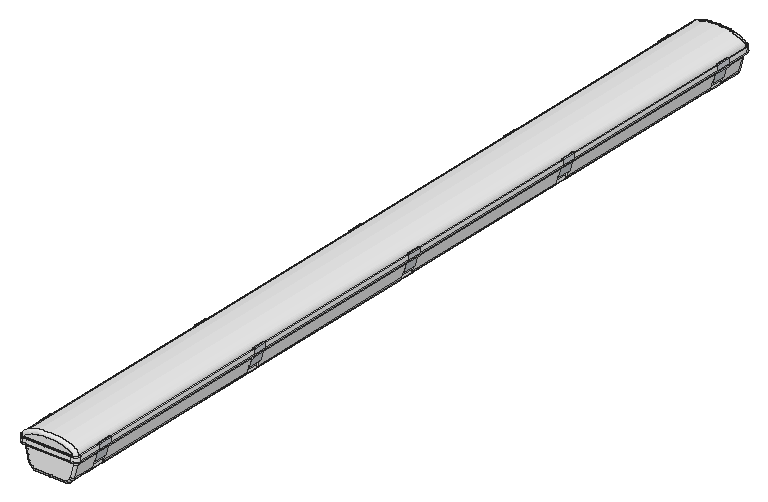
Revit family "0048749 Feilo Sylvania Lighting Fixture SYLPRF SUP LED G3 1500MM T 4K QC", category Lighting Fixtures, host Face, Revit 2017
Family settings
  Host = Face
  Round Connector Dimension = Use Diameter
  Part Type = Normal
  OmniClass Number = 23.80.70.11.14
  OmniClass Title = General Luminaries, Directional
  Cut with Voids When Loaded = Yes
  Light Source = Yes
  Shared = No
  Room Calculation Point = No
Parameters
  Width = 110 mm
  Weight = "2.46 kg"
  Wattage Comments = "n/a"
  Wattage = 47 W
  WarrantyStartDate [instance] = "n/a"
  WarrantyGuarantorParts = "n/a"
  WarrantyDurationUnit = "n/a"
  WarrantyDurationParts = "n/a"
  WarrantyDescription = "n/a"
  built-in parameter 1150110 = 1 (stored number, unit not read)
  Voltage = 230 V
  URL = "http://www.sylvania-lighting.com"
  TypeName = "SYLPRF SUP LED G3 1500MM T 4K QC"
  Type Image = <None>
  Type Comments = "n/a"
  built-in parameter 1114217 = 1 (stored number, unit not read)
  Tilt Angle = -90.00°
  built-in parameter 1150109 = 1 (stored number, unit not read)
  built-in parameter 1150134 = 12
  built-in parameter 1150113 = 1 (stored number, unit not read)
  SerialNumber [instance] = "n/a"
  ReflectorMaterial = none
  PowerFactor = 0
  PowerConsumption = "47 W"
  Photometric Web File = "0048749-C.ies"
  NominalWidth = 0 mm
  NominalLength = 1578 mm
  NominalHeight = 78 mm
  Name = "SYLPRF SUP LED G3 1500MM T 4K QC"
  ModelReference = "SYLPRF SUP LED G3 1500MM T 4K QC"
  ModelNumber = "0048749"
  Model = "SYLPRF SUP LED G3 1500MM T 4K QC"
  Material = "polycarbonate housing, polycarbonate diffuser"
  ManufacturerName = "Feilo Sylvania"
  Manufacturer = "Feilo Sylvania"
  LuminousEfficacy = "145 lm/W"
  built-in parameter 1150105 = 542.32 (stored number, unit not read)
  Lumens = 6815 lm
  LuminaireType = "Weatherproof"
  built-in parameter 1150115 = 1 (stored number, unit not read)
  LightOutputRatio = "n/a"
  built-in parameter 1150137 = (empty or 0)
  built-in parameter 1150139 = (empty or 0)
  Length = 1572 mm
  LampsType = Lamp  # "LED"
  LampNominalLuminous = "6800 lm"
  LampMacAdamStep = "3"
  LampColourTemperature = "4000 K"
  LampColourRenderingIndex = "80"
  built-in parameter 1150112 = 1 (stored number, unit not read)
  built-in parameter 1150114 = 1 (stored number, unit not read)
  Lamp = "LED"
  Keynote = "16500"
  InstallationDate [instance] = "n/a"
  InputVoltage = "220-240V~"
  InputNominalFrequency = "50/60 Hz"
  built-in parameter 1150132 = (empty or 0)
  built-in parameter 1150102 = (empty or 0)
  built-in parameter 1150107 = 4000 (stored number, unit not read)
  built-in parameter 1150138 = (empty or 0)
  IngressProtection = "IP65"
  ImpactProtectionIndex = "IK08"
  built-in parameter 1150106 = 5.4232 (stored number, unit not read)
  IfcExportType = "IfcLightFixtureType"
  IfcExportAs = "IfcLightFixtureType"
  ExpectedLife = 50000
  Emit from Rectangle Width = Width - 20 mm  # 90 mm
  Emit from Rectangle Length = Length - 20 mm  # 1552 mm
  Emit Shape Visible in Rendering = no
  ElectricShockClassification = "Class I"
  built-in parameter 1150104 = 13.471 (stored number, unit not read)
  DurationUnit = "hours"
  DocumentationLiterature = "http://www.sylvania-lighting.com/product/en-int/products/0048749"
  DimmingControlOptions = "Non dimmable"
  Dimming Lamp Color Temperature Shift = <None>
  DiffuserMaterial = Diffuser-Sylvania-Transparent
  Description = ""
  Default Elevation = 1219.2 mm
  CreatedOn = "11/9/2017"
  CreatedBy = ""
  Cost = 0
  Color Filter = 16777215
  built-in parameter 1114216 [instance] = (empty or 0)
  ClassificationValue = "EF_70_80"
  ClassificationName = "Uniclass2015"
  BodyMaterial = Body-Sylvania-Gray
  BarCode [instance] = "n/a"
  built-in parameter 1114218 = 1 (stored number, unit not read)
  built-in parameter 1150133 = 10 (stored number, unit not read)
  AssetType = "Fixed"
  AssetIdentifier [instance] = "n/a"
  Assembly Code = "D5020200"
  Apparent Load = 47 VA
  AccessoryMaterial = Diffuser-Sylvania-Glow
Reference planes
  plane 1 "Center (Front/Back)": y = 0
  plane 2: z = 0
  plane 3 "Center (Left/Right)": x = 0
  plane 4: z = 54
  plane 5: x = -27.7
  plane 6: x = -34.8
  plane 7: x = -39.6
  plane 8: x = -42.2
  plane 9: z = 3
  plane 10: z = 7.8
  plane 11: z = 12.3
  plane 12: z = 36.6
  plane 13: z = 42.8
  plane 14: x = -51.1
  plane 15: z = 46.2
  plane 16: x = -55
  plane 17: y = 786
  plane 18: y = -786
  plane 19: x = 27.7
  plane 20: x = 34.8
  plane 21: x = 39.6
  plane 22: x = 42.2
  plane 23: x = 51.1
  plane 24: x = 55
  plane 25: y = 778.4
  plane 26: y = -778.4
  plane 27: y = -774.7
  plane 28: y = 774.7
  plane 29: z = 74
  plane 30: x = -51.5
  plane 31: x = 51.5
  plane 32: z = 55.2
  plane 33: y = -782.5
  plane 34: y = 782.5
  plane 35: x = -37.5
  plane 36: x = 37.5
  plane 37: x = -48.7
  plane 38: x = 48.7
  plane 39: x = 18
  plane 40: x = -18
  plane 41: z = 50.2
  plane 42: z = 24.6
  plane 43: y = 720
  plane 44: y = 706
  plane 45: y = 734
  plane 46: y = -720
  plane 47: y = 720
  plane 48: y = 706
  plane 49: y = 734
  plane 50: y = -720
  plane 51: y = -734
  plane 52: y = -706
  plane 53: y = 360
  plane 54: y = 346
  plane 55: y = 374
  plane 56: y = 0
  plane 57: y = -14
  plane 58: y = 14
  plane 59: y = -360
  plane 60: y = -374
  plane 61: y = -346
Forms (mm)
  Sweep 1, solid, material "Body-Sylvania-Gray" <- "BodyMaterial", detail levels medium+fine
    path origin (1223.4, -4572, 54) x (0, -1, 0) y (1, 0, 0)
      loop
        arc (-3796, -1278.4) -> (-3788.929, -1275.471) -> (-3786, -1268.4) r 10
        line (-3786, -1268.4) -> (-3786, -1178.4)
        arc (-3786, -1178.4) -> (-3788.929, -1171.329) -> (-3796, -1168.4) r 10
        line (-3796, -1168.4) -> (-5348, -1168.4)
        arc (-5348, -1168.4) -> (-5355.071, -1171.329) -> (-5358, -1178.4) r 10
        line (-5358, -1178.4) -> (-5358, -1268.4)
        arc (-5358, -1268.4) -> (-5355.071, -1275.471) -> (-5348, -1278.4) r 10
        line (-5348, -1278.4) -> (-3796, -1278.4)
    profile origin (-55, 0, 54) x (-1, 0, 0) y (0, 0, 1)
      loop
        line (0, 0) -> (-1, 0) -> (-1, -7.726)
        arc (-1, -7.726) -> (-1.994, -9.498) -> (-3.9, -10.2) r 2.937
        line (-3.9, -10.2) -> (-8.571, -10.2) -> (-8.571, -11.2) -> (-3.9, -11.2)
        arc (-3.9, -11.2) -> (-1.313, -10.231) -> (0, -7.8) r 3.937
        line (0, -7.8) -> (0, 0)
  Sweep 2, solid, material "Body-Sylvania-Gray" <- "BodyMaterial", detail levels medium+fine
    path origin (0, 0, 0) x (1, 0, 0) y (0, 0, 1)
      loop
        line (48.7, 42.8) -> (48.7, 36.6) -> (42.203, 12.31)
        arc (42.203, 12.31) -> (41.199, 9.884) -> (39.6, 7.8) r 10.052
        line (39.6, 7.8) -> (34.8, 3)
        arc (34.8, 3) -> (31.554, 0.781) -> (27.7, 0) r 9.902
        line (27.7, 0) -> (0, 0) -> (-27.7, 0)
        arc (-27.7, 0) -> (-31.554, 0.781) -> (-34.8, 3) r 9.902
        line (-34.8, 3) -> (-39.6, 7.8)
        arc (-39.6, 7.8) -> (-41.199, 9.884) -> (-42.203, 12.31) r 10.052
        line (-42.203, 12.31) -> (-48.7, 36.6) -> (-48.7, 42.8)
    profile origin (0, 0, 0) x (0, 0, -1) y (0, -1, 0)
      loop
        arc (0, 773.4) -> (-1.464, 776.936) -> (-5, 778.4) r 5
        line (-5, 778.4) -> (-7.8, 778.4) -> (-7.8, -778.4) -> (-5, -778.4)
        arc (-5, -778.4) -> (-1.464, -776.936) -> (0, -773.4) r 5
        line (0, -773.4) -> (0, 773.4)
  Extrusion 3, solid, material "Body-Sylvania-Gray" <- "BodyMaterial", detail levels medium+fine
    sketch origin (1524, 778.4, 1219.2) x (1, 0, 0) y (0, 0, 1)
      loop
        arc (-1558.668, -1204.874) -> (-1558.443, -1205.418) -> (-1558.085, -1205.885) r 2.252
        line (-1558.085, -1205.885) -> (-1553.231, -1210.738)
        arc (-1553.231, -1210.738) -> (-1552.534, -1211.227) -> (-1551.7, -1211.4) r 2.102
        line (-1551.7, -1211.4) -> (-1496.3, -1211.4)
        arc (-1496.3, -1211.4) -> (-1495.466, -1211.227) -> (-1494.769, -1210.738) r 2.102
        line (-1494.769, -1210.738) -> (-1489.915, -1205.885)
        arc (-1489.915, -1205.885) -> (-1489.557, -1205.418) -> (-1489.332, -1204.874) r 2.252
        line (-1489.332, -1204.874) -> (-1483.1, -1181.575) -> (-1483.1, -1176.4) -> (-1564.9, -1176.4) -> (-1564.9, -1181.575) -> (-1558.668, -1204.874)
    from 0 to 1556.8
  Sweep 4, solid, material "Diffuser-Sylvania-Transparent" <- "DiffuserMaterial", detail levels medium+fine
    path origin (0, 0, 0) x (1, 0, 0) y (0, 0, 1)
      loop
        spline (-51.5, 55.2) -> (-49.745, 60.066) -> (-44.6, 64.6) -> (-36.416, 68.494) -> (-25.75, 71.481) -> (-13.329, 73.359) -> (0, 74) -> (13.329, 73.359) -> (25.75, 71.481) -> (36.416, 68.494) -> (44.6, 64.6) -> (49.745, 60.066) -> (51.5, 55.2)
    profile origin (51.5, 0, 55.2) x (0, -1, 0) y (1, 0, 0)
      loop
        arc (782.5, -5.5) -> (780.889, -1.611) -> (777, 0) r 5.5
        line (777, 0) -> (-777, 0)
        arc (-777, 0) -> (-780.889, -1.611) -> (-782.5, -5.5) r 5.5
        line (-782.5, -5.5) -> (-782.5, -6.3) -> (-781.5, -6.3) -> (-781.5, -5.5)
        arc (-781.5, -5.5) -> (-780.182, -2.318) -> (-777, -1) r 4.5
        line (-777, -1) -> (777, -1)
        arc (777, -1) -> (780.182, -2.318) -> (781.5, -5.5) r 4.5
        line (781.5, -5.5) -> (781.5, -6.347) -> (782.5, -6.347) -> (782.5, -5.5)
  Extrusion 5, solid, material "Diffuser-Sylvania-Transparent" <- "DiffuserMaterial", detail levels medium+fine
    sketch origin (1524, -782.5, 1219.2) x (1, 0, 0) y (0, 0, 1)
      loop
        line (-1569.653, -1164) -> (-1478.347, -1164)
        spline (-1478.347, -1164) -> (-1478.969, -1162.594) -> (-1482.527, -1159.545) -> (-1489.588, -1156.201) -> (-1499.458, -1153.445) -> (-1511.242, -1151.663) -> (-1524, -1151.049) -> (-1536.758, -1151.663) -> (-1548.542, -1153.445) -> (-1558.412, -1156.201) -> (-1565.473, -1159.545) -> (-1569.031, -1162.594) -> (-1569.653, -1164)
    from 0 to -1
  Extrusion 6, solid, material "Diffuser-Sylvania-Transparent" <- "DiffuserMaterial", detail levels medium+fine
    sketch origin (1524, 782.5, 1219.2) x (1, 0, 0) y (0, 0, 1)
      loop
        spline (-1478.3, -1164) -> (-1478.931, -1162.565) -> (-1482.502, -1159.505) -> (-1489.572, -1156.155) -> (-1499.446, -1153.394) -> (-1511.236, -1151.614) -> (-1524, -1151.007) -> (-1536.764, -1151.614) -> (-1548.554, -1153.394) -> (-1558.428, -1156.155) -> (-1565.498, -1159.505) -> (-1569.069, -1162.565) -> (-1569.7, -1164)
        line (-1569.7, -1164) -> (-1478.3, -1164)
    from 0 to 1
  Extrusion 7, solid, material "Diffuser-Sylvania-Transparent" <- "DiffuserMaterial", detail levels medium+fine
    sketch origin (1223.4, -4572, 55.2) x (0, -1, 0) y (-1, 0, 0)
      loop
        arc (-5353.5, 1177.4) -> (-5352.182, 1174.218) -> (-5349, 1172.9) r 4.5
        line (-5349, 1172.9) -> (-3795, 1172.9)
        arc (-3795, 1172.9) -> (-3791.818, 1174.218) -> (-3790.5, 1177.4) r 4.5
        line (-3790.5, 1177.4) -> (-3790.5, 1269.4)
        arc (-3790.5, 1269.4) -> (-3791.818, 1272.582) -> (-3795, 1273.9) r 4.5
        line (-3795, 1273.9) -> (-5349, 1273.9)
        arc (-5349, 1273.9) -> (-5352.182, 1272.582) -> (-5353.5, 1269.4) r 4.5
        line (-5353.5, 1269.4) -> (-5353.5, 1177.4)
      loop
        line (-5358, 1268.4) -> (-5358, 1178.4)
        arc (-5358, 1178.4) -> (-5355.071, 1171.329) -> (-5348, 1168.4) r 10
        line (-5348, 1168.4) -> (-3796, 1168.4)
        arc (-3796, 1168.4) -> (-3788.929, 1171.329) -> (-3786, 1178.4) r 10
        line (-3786, 1178.4) -> (-3786, 1268.4)
        arc (-3786, 1268.4) -> (-3788.929, 1275.471) -> (-3796, 1278.4) r 10
        line (-3796, 1278.4) -> (-5348, 1278.4)
        arc (-5348, 1278.4) -> (-5355.071, 1275.471) -> (-5358, 1268.4) r 10
    from 0 to 1.2
  Extrusion 8, solid, material "Diffuser-Sylvania-Glow" <- "AccessoryMaterial", detail levels fine
    sketch origin (0, 0, 0) x (1, 0, 0) y (0, 0, 1)
      loop
        circle (-18, 50.2) r 8
      loop
        circle (18, 50.2) r 8
    from -774.7 to 774.7
  Extrusion 9, void
    sketch origin (0, 720, 2343.807) x (0, 0, -1) y (-1, 0, 0)
      loop
        line (2340.807, -37.5) -> (2331.507, -37.5) -> (2319.207, -42.2) -> (2319.207, -48.7) -> (2340.807, -48.7) -> (2340.807, -37.5)
      loop
        line (2340.807, 37.5) -> (2340.807, 48.7) -> (2319.207, 48.7) -> (2319.207, 42.2) -> (2331.507, 37.5) -> (2340.807, 37.5)
    from -14 to 14
  Extrusion 10, solid, material "Body-Sylvania-Gray" <- "BodyMaterial", detail levels coarse
    sketch origin (0, 0, 0) x (1, 0, 0) y (0, 0, 1)
      loop
        line (55, 42.8) -> (55, 55.2) -> (-55, 55.2) -> (-55, 42.791) -> (-42.2, 0) -> (42.2, 0) -> (55, 42.8)
    from -786 to 786
  Extrusion 11, solid, material "Diffuser-Sylvania-Transparent" <- "DiffuserMaterial", detail levels coarse
    sketch origin (0, 0, 0) x (1, 0, 0) y (0, 0, 1)
      loop
        arc (51.5, 55.2) -> (0, 74) -> (-51.5, 55.2) r 79.939
        line (-51.5, 55.2) -> (51.5, 55.2)
    from 778.4 to -778.4
  Extrusion 12, void, not visible
    sketch origin (0, 720, 2343.807) x (0, 0, -1) y (-1, 0, 0)
      loop
        line (2340.807, -37.5) -> (2331.507, -37.5) -> (2319.207, -42.2) -> (2319.207, -48.7) -> (2340.807, -48.7) -> (2340.807, -37.5)
      loop
        line (2340.807, 37.5) -> (2340.807, 48.7) -> (2319.207, 48.7) -> (2319.207, 42.2) -> (2331.507, 37.5) -> (2340.807, 37.5)
    from -14 to 14
  Extrusion 13, void
    sketch origin (0, -720, 2343.807) x (0, 0, -1) y (-1, 0, 0)
      loop
        line (2340.807, -37.5) -> (2331.507, -37.5) -> (2319.207, -42.2) -> (2319.207, -48.7) -> (2340.807, -48.7) -> (2340.807, -37.5)
      loop
        line (2340.807, 37.5) -> (2340.807, 48.7) -> (2319.207, 48.7) -> (2319.207, 42.2) -> (2331.507, 37.5) -> (2340.807, 37.5)
    from -14 to 14
  Extrusion 14, void
    sketch origin (0, 360, 2343.807) x (0, 0, -1) y (-1, 0, 0)
      loop
        line (2340.807, -37.5) -> (2331.507, -37.5) -> (2319.207, -42.2) -> (2319.207, -48.7) -> (2340.807, -48.7) -> (2340.807, -37.5)
      loop
        line (2340.807, 37.5) -> (2340.807, 48.7) -> (2319.207, 48.7) -> (2319.207, 42.2) -> (2331.507, 37.5) -> (2340.807, 37.5)
    from -14 to 14
  Extrusion 15, void
    sketch origin (0, 0, 2343.807) x (0, 0, -1) y (-1, 0, 0)
      loop
        line (2340.807, -37.5) -> (2331.507, -37.5) -> (2319.207, -42.2) -> (2319.207, -48.7) -> (2340.807, -48.7) -> (2340.807, -37.5)
      loop
        line (2340.807, 37.5) -> (2340.807, 48.7) -> (2319.207, 48.7) -> (2319.207, 42.2) -> (2331.507, 37.5) -> (2340.807, 37.5)
    from -14 to 14
  Extrusion 16, void
    sketch origin (0, -360, 2343.807) x (0, 0, -1) y (-1, 0, 0)
      loop
        line (2340.807, -37.5) -> (2331.507, -37.5) -> (2319.207, -42.2) -> (2319.207, -48.7) -> (2340.807, -48.7) -> (2340.807, -37.5)
      loop
        line (2340.807, 37.5) -> (2340.807, 48.7) -> (2319.207, 48.7) -> (2319.207, 42.2) -> (2331.507, 37.5) -> (2340.807, 37.5)
    from -14 to 14
Cuts and joins
  Extrusion 9, Extrusion 13, Extrusion 14, Extrusion 15, Extrusion 16 cuts Sweep 2
  Extrusion 13, Extrusion 14, Extrusion 15, Extrusion 16 cuts Extrusion 3
  joined: Sweep 2, Extrusion 3
  joined: Sweep 4, Extrusion 5, Extrusion 6
Dimensions and locks
  locked: plane 4 to plane 2 at 54
  plane 5 to plane 6 to plane 7 to plane 8 to plane 14 to plane 16 = 7.1 mm locked, 4.8 mm locked, 2.6 mm locked, 8.9 mm, 3.9 mm
  plane 4 to plane 15 to plane 13 to plane 12 to plane 11 to plane 10 to plane 9 = 7.8 mm locked, 3.4 mm, 6.2 mm locked, 24.3 mm locked, 4.5 mm locked, 4.8 mm locked
  equal spacing: plane 18, plane 1 "Center (Front/Back)", plane 17
  "Length": plane 18 to plane 17
  plane 19 to plane 20 to plane 21 to plane 22 to plane 23 to plane 24 = 7.1 mm locked, 4.8 mm locked, 2.6 mm locked, 8.9 mm, 3.9 mm
  equal spacing: plane 24, plane 3 "Center (Left/Right)", plane 16
  "Width": plane 24 to plane 16
  equal spacing: plane 27, plane 1 "Center (Front/Back)", plane 28
  locked: plane 26 to plane 27 at 3.7
  locked: Sweep 1 sketch curve to profile plane at 1
  locked: Sweep 1 sketch curve to plane 13 at 1
  locked: Sweep 1 sketch curve to plane 13 at 3.937  (x2)
  locked: Sweep 1 sketch curve to profile plane at 3.9  (x2)
  locked: plane 29 to plane 4 at 20
  equal spacing: plane 31, plane 3 "Center (Left/Right)", plane 30
  locked: plane 30 to plane 16 at 3.5
  locked: plane 32 to plane 4 at 1.2
  equal spacing: plane 33, plane 1 "Center (Front/Back)", plane 34
  equal spacing: plane 36, plane 3 "Center (Left/Right)", plane 35
  locked: plane 3 "Center (Left/Right)" to plane 35 at 37.5
  locked: plane 34 to plane 17 at 3.5
  equal spacing: plane 38, plane 3 "Center (Left/Right)", plane 37
  locked: plane 37 to plane 16 at 6.3
  equal spacing: plane 25, plane 1 "Center (Front/Back)", plane 26
  locked: plane 17 to plane 25 at 7.6
  locked: Sweep 2 sketch curve to plane 2 at 5  (x2)
  locked: Sweep 2 sketch curve to plane 26 at 5
  locked: plane 25 to Sweep 2 sketch curve at 5
  locked: Sweep 4 sketch curve to plane 31 at 5.5  (x2)
  locked: Sweep 4 sketch curve to plane 34 at 5.5
  plane 33 to Sweep 4 sketch curve = 5.5 mm
  locked: plane 34 to Sweep 4 sketch curve at 1
  locked: Sweep 4 sketch curve to plane 31 at 1
  locked: Sweep 4 sketch curve to Sweep 4 sketch curve at 1
  locked: Sweep 4 sketch curve to plane 31 at 6.347
  locked: Sweep 4 sketch curve to plane 31 at 6.3
  equal spacing: plane 39, plane 3 "Center (Left/Right)", plane 40
  locked: plane 3 "Center (Left/Right)" to plane 40 at 18
  locked: plane 42 to plane 2 at 24.6
  plane 45 to plane 43 to plane 44 = 14 mm locked, 14 mm locked
  locked: plane 17 to plane 43 at 66
  equal spacing: plane 43, plane 1 "Center (Front/Back)", plane 46
  plane 49 to plane 47 to plane 48 = 14 mm locked, 14 mm locked
  plane 52 to plane 50 to plane 51 = 14 mm locked, 14 mm locked  (x2)
  equal spacing: group 1, group 6, group 7, group 8, group 5  (x2)
  equal spacing: group 5, group 8, group 7, group 6, group 1
  plane 55 to plane 53 to plane 54 = 14 mm locked, 14 mm locked  (x2)
  plane 58 to plane 56 to plane 57 = 14 mm locked, 14 mm locked  (x2)
  plane 61 to plane 59 to plane 60 = 14 mm locked, 14 mm locked  (x2)
  plane 43 to plane 53 to plane 1 "Center (Front/Back)" to plane 59 to plane 50 = 360 mm locked, 360 mm locked, 360 mm locked, 360 mm locked
  aligned and locked: plane 2 to host face
  aligned and locked: level to host face
  aligned and locked: plane 16 to Sweep 1 sketch curve
  aligned and locked: Sweep 1 sketch curve to plane 24
  aligned and locked: plane 18 to Sweep 1 sketch curve
  aligned and locked: Sweep 1 sketch curve to plane 13
  aligned and locked: profile plane to Sweep 1 sketch curve
  aligned and locked: plane 3 "Center (Left/Right)" to Sweep 2 sketch curve
  aligned and locked: plane 9 to Sweep 2 sketch curve
  aligned and locked: plane 10 to Sweep 2 sketch curve
  aligned and locked: plane 37 to Sweep 2 sketch curve
  aligned and locked: plane 12 to Sweep 2 sketch curve
  aligned and locked: Sweep 2 sketch curve to level
  aligned and locked: plane 21 to Sweep 2 sketch curve
  aligned and locked: plane 38 to Sweep 2 sketch curve
  aligned and locked: profile plane to Sweep 2 sketch curve
  aligned and locked: plane 25 to Sweep 2 sketch curve
  aligned and locked: Sweep 2 sketch curve to plane 10
  aligned and locked: Extrusion 3 sketch curve to Sweep 2  (x7)
  aligned and locked: Sweep 2 to Extrusion 3 sketch curve
  aligned and locked: Extrusion 3 to plane 25
  aligned and locked: plane 26 to Extrusion 3
  aligned and locked: plane 32 to Sweep 4 sketch curve
  aligned and locked: plane 33 to Sweep 4 sketch curve
  aligned and locked: Sweep 4 to Extrusion 5
  aligned and locked: plane 33 to Extrusion 5
  aligned and locked: Extrusion 5 sketch curve to Sweep 4
  aligned and locked: cut or joined group of Sweep 4, Extrusion 5, Extrusion 6 to Extrusion 6 sketch curve
  aligned and locked: Extrusion 7 sketch curve to cut or joined group of Sweep 4, Extrusion 5, Extrusion 6  (x2)
  aligned and locked: cut or joined group of Sweep 4, Extrusion 5, Extrusion 6 to Extrusion 7 sketch curve  (x2)
  aligned and locked: plane 41 to Extrusion 8 sketch curve  (x2)
  aligned and locked: plane 39 to Extrusion 8 sketch curve
  aligned and locked: plane 27 to Extrusion 8
  aligned and locked: Extrusion 8 to plane 28
  aligned and locked: Extrusion 9 to plane 42
  aligned and locked: plane 9 to Extrusion 9
  aligned and locked: plane 44 to Extrusion 9
  aligned and locked: Extrusion 9 to plane 45
  aligned and locked: Extrusion 7 sketch curve to Sweep 1  (x4)
  aligned and locked: plane 4 to Extrusion 7
  aligned and locked: Extrusion 7 to plane 32
  aligned and locked: nested 2 to plane 43
  aligned and locked: plane 43 to nested 1
  aligned and locked: Extrusion 10 sketch curve to plane 24
  aligned and locked: Extrusion 10 sketch curve to Extrusion 7
  aligned and locked: plane 8 to Extrusion 10 sketch curve
  aligned and locked: plane 22 to Extrusion 10 sketch curve
  aligned and locked: level to Extrusion 10 sketch curve
  aligned and locked: Extrusion 10 to plane 17
  aligned and locked: plane 18 to Extrusion 10
  aligned and locked: cut or joined group of Sweep 4, Extrusion 5, Extrusion 6 to Extrusion 11 sketch curve
  aligned and locked: Extrusion 11 sketch curve to cut or joined group of Sweep 4, Extrusion 5, Extrusion 6  (x2)
  aligned and locked: plane 31 to Extrusion 11 sketch curve
  aligned and locked: plane 30 to Extrusion 11 sketch curve
  aligned and locked: plane 26 to Extrusion 11
  aligned and locked: Extrusion 11 to plane 25
  aligned and locked: imposter light to plane 29
  aligned and locked: plane 3 "Center (Left/Right)" to imposter light
  aligned and locked: plane 1 "Center (Front/Back)" to imposter light
  aligned and locked: plane 51 to Extrusion 13
  aligned and locked: Extrusion 13 to plane 52
  aligned and locked: plane 54 to Extrusion 14
  aligned and locked: Extrusion 14 to plane 55
  aligned and locked: plane 57 to Extrusion 15
  aligned and locked: Extrusion 15 to plane 58
  aligned and locked: plane 60 to Extrusion 16
  aligned and locked: Extrusion 16 to plane 61
  aligned and locked: nested 3 to plane 53
  aligned and locked: plane 53 to nested 10
  aligned and locked: nested 4 to plane 56
  aligned and locked: plane 56 to nested 9
  aligned and locked: nested 5 to plane 59
  aligned and locked: plane 59 to nested 8
  aligned and locked: nested 6 to plane 50
  aligned and locked: plane 50 to nested 7
Automatic sketch dimensions
  host sketch curve to host sketch curve = 2438.4 mm  (x2)
  plane 17 to Sweep 1 sketch curve = 0 mm
  Sweep 1 sketch curve to plane 28 = 1.3 mm
  Sweep 1 sketch curve to plane 7 = 5.4 mm
  plane 27 to Sweep 1 sketch curve = 1.3 mm  (x2)
  Sweep 1 sketch curve to Sweep 1 sketch curve = 4.671 mm
  Sweep 1 sketch curve to plane 4 = 0 mm
  Sweep 2 sketch curve to plane 7 = 0 mm
  Sweep 2 sketch curve to plane 6 = 0 mm
  Sweep 2 sketch curve to plane 5 = 0 mm
  plane 19 to Sweep 2 sketch curve = 0 mm
  Sweep 2 sketch curve to plane 9 = 0 mm
  plane 20 to Sweep 2 sketch curve = 0 mm
  Sweep 2 sketch curve to plane 12 = 0 mm
  Sweep 2 sketch curve to plane 10 = 0 mm
  Sweep 2 sketch curve to plane 13 = 0 mm  (x2)
  Sweep 2 sketch curve to plane 8 = 0.003 mm
  plane 6 to Sweep 2 sketch curve = 2.308 mm
  plane 20 to Sweep 2 sketch curve = 2.308 mm
  Sweep 2 sketch curve to plane 22 = 0.003 mm
  Sweep 2 sketch curve to plane 11 = 0.01 mm  (x2)
  Extrusion 3 sketch curve to plane 5 = 0 mm
  plane 19 to Extrusion 3 sketch curve = 0 mm
  plane 6 to Extrusion 3 sketch curve = 0.132 mm
  plane 6 to Extrusion 3 sketch curve = 0.715 mm
  Extrusion 3 sketch curve to Extrusion 3 sketch curve = 1.592 mm
  Extrusion 3 sketch curve to plane 10 = 0.662 mm  (x2)
  plane 20 to Extrusion 3 sketch curve = 2.308 mm
  plane 20 to Extrusion 3 sketch curve = 0.715 mm
  plane 20 to Extrusion 3 sketch curve = 0.132 mm
  Sweep 4 sketch curve to plane 30 = 0 mm
  Sweep 4 sketch curve to plane 3 "Center (Left/Right)" = 0 mm
  Sweep 4 sketch curve to Sweep 4 sketch curve = 0 mm  (x2)
  plane 37 to Extrusion 5 sketch curve = 3.047 mm
  Extrusion 5 sketch curve to plane 38 = 3.047 mm
  plane 37 to Extrusion 6 sketch curve = 3 mm
  Extrusion 6 sketch curve to plane 38 = 3 mm
  plane 25 to Extrusion 7 sketch curve = 1.4 mm  (x2)
  Extrusion 7 sketch curve to plane 26 = 1.4 mm  (x2)
  Extrusion 8 sketch curve to plane 40 = 0 mm
  Extrusion 9 sketch curve to Extrusion 9 sketch curve = 0 mm
  Extrusion 9 sketch curve to Extrusion 9 sketch curve = 12.3 mm  (x2)
  Extrusion 9 sketch curve to Extrusion 9 sketch curve = 9.3 mm  (x2)
  Extrusion 9 sketch curve to Extrusion 9 sketch curve = 6.5 mm
  Extrusion 9 sketch curve to Extrusion 9 sketch curve = 4.7 mm  (x2)
  Extrusion 9 sketch curve to Extrusion 9 sketch curve = 75 mm
  Extrusion 9 sketch curve to Extrusion 9 sketch curve = 11.2 mm
  Extrusion 10 sketch curve to plane 13 = 0 mm
  plane 13 to Extrusion 10 sketch curve = 0.009 mm
  Extrusion 11 sketch curve to level = 5.939 mm
  Extrusion 10 sketch curve to plane 16 = 0 mm
  Extrusion 12 sketch curve to Extrusion 12 sketch curve = 0 mm
  Extrusion 12 sketch curve to Extrusion 12 sketch curve = 12.3 mm  (x2)
  Extrusion 12 sketch curve to Extrusion 12 sketch curve = 9.3 mm  (x2)
  Extrusion 12 sketch curve to Extrusion 12 sketch curve = 6.5 mm
  Extrusion 12 sketch curve to Extrusion 12 sketch curve = 4.7 mm  (x2)
  Extrusion 12 sketch curve to Extrusion 12 sketch curve = 75 mm
  Extrusion 12 sketch curve to Extrusion 12 sketch curve = 11.2 mm
  Extrusion 13 sketch curve to Extrusion 13 sketch curve = 0 mm
  Extrusion 13 sketch curve to Extrusion 13 sketch curve = 12.3 mm  (x2)
  Extrusion 13 sketch curve to Extrusion 13 sketch curve = 9.3 mm  (x2)
  Extrusion 13 sketch curve to Extrusion 13 sketch curve = 6.5 mm
  Extrusion 13 sketch curve to Extrusion 13 sketch curve = 4.7 mm  (x2)
  Extrusion 13 sketch curve to Extrusion 13 sketch curve = 75 mm
  Extrusion 13 sketch curve to Extrusion 13 sketch curve = 11.2 mm
  Extrusion 14 sketch curve to Extrusion 14 sketch curve = 0 mm
  Extrusion 14 sketch curve to Extrusion 14 sketch curve = 12.3 mm  (x2)
  Extrusion 14 sketch curve to Extrusion 14 sketch curve = 9.3 mm  (x2)
  Extrusion 14 sketch curve to Extrusion 14 sketch curve = 6.5 mm
  Extrusion 14 sketch curve to Extrusion 14 sketch curve = 4.7 mm  (x2)
  Extrusion 14 sketch curve to Extrusion 14 sketch curve = 75 mm
  Extrusion 14 sketch curve to Extrusion 14 sketch curve = 11.2 mm
  Extrusion 15 sketch curve to Extrusion 15 sketch curve = 0 mm
  Extrusion 15 sketch curve to Extrusion 15 sketch curve = 12.3 mm  (x2)
  Extrusion 15 sketch curve to Extrusion 15 sketch curve = 9.3 mm  (x2)
  Extrusion 15 sketch curve to Extrusion 15 sketch curve = 6.5 mm
  Extrusion 15 sketch curve to Extrusion 15 sketch curve = 4.7 mm  (x2)
  Extrusion 15 sketch curve to Extrusion 15 sketch curve = 75 mm
  Extrusion 15 sketch curve to Extrusion 15 sketch curve = 11.2 mm
  Extrusion 16 sketch curve to Extrusion 16 sketch curve = 0 mm
  Extrusion 16 sketch curve to Extrusion 16 sketch curve = 12.3 mm  (x2)
  Extrusion 16 sketch curve to Extrusion 16 sketch curve = 9.3 mm  (x2)
  Extrusion 16 sketch curve to Extrusion 16 sketch curve = 6.5 mm
  Extrusion 16 sketch curve to Extrusion 16 sketch curve = 4.7 mm  (x2)
  Extrusion 16 sketch curve to Extrusion 16 sketch curve = 75 mm
  Extrusion 16 sketch curve to Extrusion 16 sketch curve = 11.2 mm
  radius of Extrusion 8 sketch curve = 8 mm  (x2)
Nested families
  nested 1: "Clip" at (42.2, 720, 24.6), type "Clip", detail levels fine
  nested 2: "Clip" at (-42.2, 720, 24.6) x (-1, 0, 0) z (0, 0, 1), type "Clip", detail levels fine
  nested 3: "Clip" at (-42.2, 360, 24.6) x (-1, 0, 0) z (0, 0, 1), type "Clip", detail levels fine
  nested 4: "Clip" at (-42.2, 0, 24.6) x (-1, 0, 0) z (0, 0, 1), type "Clip", detail levels fine
  nested 5: "Clip" at (-42.2, -360, 24.6) x (-1, 0, 0) z (0, 0, 1), type "Clip", detail levels fine
  nested 6: "Clip" at (-42.2, -720, 24.6) x (-1, 0, 0) z (0, 0, 1), type "Clip", detail levels fine
  nested 7: "Clip" at (42.2, -720, 24.6), type "Clip", detail levels fine
  nested 8: "Clip" at (42.2, -360, 24.6), type "Clip", detail levels fine
  nested 9: "Clip" at (42.2, 0, 24.6), type "Clip", detail levels fine
  nested 10: "Clip" at (42.2, 360, 24.6), type "Clip", detail levels fine
Connectors
  electrical at (0, 0, 0), driven by "Apparent Load"
    settings: index 1, voltage 230 V, apparent load 47 VA, apparent load phase1 0 VA, apparent load phase2 0 VA, apparent load phase3 0 VA, power factor 0, load classification "Lighting", number of poles 1, system type 30, power factor state 1, is connector primary yes, connector utility no, sub classification motor no, connector description ""
Definition of nested family "Clip"
  Parameters (values of type "Clip")
    URL = "http://www.feilosylvania.com"
    Type Comments = "n/a"
    Model = "n/a"
    Manufacturer = "Feilo Sylvania"
    Keynote = "n/a"
    Description = "n/a"
    Default Elevation = 1219.2 mm
    Cost = 0
    BodyMaterial = none
    Assembly Code = "n/a"
  Reference planes
    plane 1 "Center (Front/Back)": y = 0
    plane 2: z = 0
    plane 3 "Center (Left/Right)": x = 0
    plane 4: x = 3.3
    plane 5: x = 6.5
    plane 6: x = 8.9
    plane 7: x = 12.8
    plane 8: z = 12
    plane 9: z = 18.2
    plane 10: z = 21.6
    plane 11: z = 30.6
    plane 12: x = 9.3
    plane 13: z = 19.2
    plane 14: z = 16.2
    plane 15: x = 10.1
    plane 16: y = 12
    plane 17: y = -12
  Forms (mm)
    Extrusion 1, solid
      sketch origin (-0.8, 0, 0) x (1, 0, 0) y (0, 1, 0)
        loop
          line (-1219.2, 1219.2) -> (-1219.2, -1219.2) -> (1219.2, -1219.2) -> (1219.2, 1219.2) -> (-1219.2, 1219.2)
      from 0 to -304.8
    Extrusion 2, solid
      sketch origin (0, 0, 0) x (1, 0, 0) y (0, 0, 1)
        loop
          line (8.9, 16.2) -> (4.58, 0) -> (0, 0) -> (0, -0.8) -> (5.195, -0.8) -> (9.603, 15.731) -> (13.6, 18.806) -> (13.6, 30.6)
          arc (13.6, 30.6) -> (11.45, 32.75) -> (9.3, 30.6) r 2.15
          line (9.3, 30.6) -> (10.1, 30.6)
          arc (10.1, 30.6) -> (11.45, 31.95) -> (12.8, 30.6) r 1.35
          line (12.8, 30.6) -> (12.8, 19.2) -> (8.9, 16.2)
      from -12 to 12
  Lines and regions (mm)
    reference lines
      curve 1: line (3.3, 0, 0) -> (6.5, 0, 12)
      curve 2: arc (8.9, 0, 18.2) -> (11.488, 0, 19.169) -> (12.8, 0, 21.6) r 3.934
  Dimensions and locks
    plane 7 to plane 6 to plane 5 to plane 4 to plane 3 "Center (Left/Right)" = 3.9 mm locked, 2.4 mm locked, 3.2 mm locked, 3.3 mm locked
    plane 11 to plane 10 to plane 9 to plane 8 to plane 2 = 9 mm locked, 3.4 mm locked, 6.2 mm locked, 12 mm locked
    locked: plane 7 to plane 12 at 3.5
    locked: plane 13 to plane 9 at 1
    locked: plane 9 to plane 14 at 2
    locked: plane 15 to plane 12 at 0.8
    locked: plane 2 to Extrusion 2 sketch curve at 0.8
    locked: Extrusion 2 sketch curve to Extrusion 2 sketch curve at 0.8  (x3)
    locked: plane 7 to Extrusion 2 sketch curve at 1.35
    equal spacing: plane 17, plane 1 "Center (Front/Back)", plane 16
    locked: plane 1 "Center (Front/Back)" to plane 16 at 12
    aligned and locked: plane 2 to Extrusion 1
    aligned and locked: level to Extrusion 1
    aligned and locked: plane 4 to curve 1
    aligned and locked: plane 5 to curve 1
    aligned and locked: plane 6 to curve 2
    aligned and locked: plane 10 to curve 2
    aligned and locked: plane 14 to Extrusion 2 sketch curve
    aligned and locked: plane 13 to Extrusion 2 sketch curve
    aligned and locked: plane 7 to Extrusion 2 sketch curve
    aligned and locked: plane 3 "Center (Left/Right)" to Extrusion 2 sketch curve
    aligned and locked: Extrusion 2 sketch curve to level
    aligned and locked: Extrusion 2 sketch curve to plane 11
    aligned and locked: plane 11 to Extrusion 2 sketch curve
    aligned and locked: Extrusion 2 to plane 16
    aligned and locked: plane 17 to Extrusion 2
  Automatic sketch dimensions
    Extrusion 1 sketch curve to Extrusion 1 sketch curve = 2438.4 mm  (x2)
    curve 2 to plane 7 = 0 mm
    curve 1 to level = 0 mm
    curve 1 to plane 8 = 0 mm
    curve 2 to plane 9 = 0 mm
    plane 6 to curve 2 = 0.002 mm
    Extrusion 2 sketch curve to Extrusion 2 sketch curve = 0 mm
    Extrusion 2 sketch curve to plane 6 = 0 mm
    plane 4 to Extrusion 2 sketch curve = 1.28 mm
